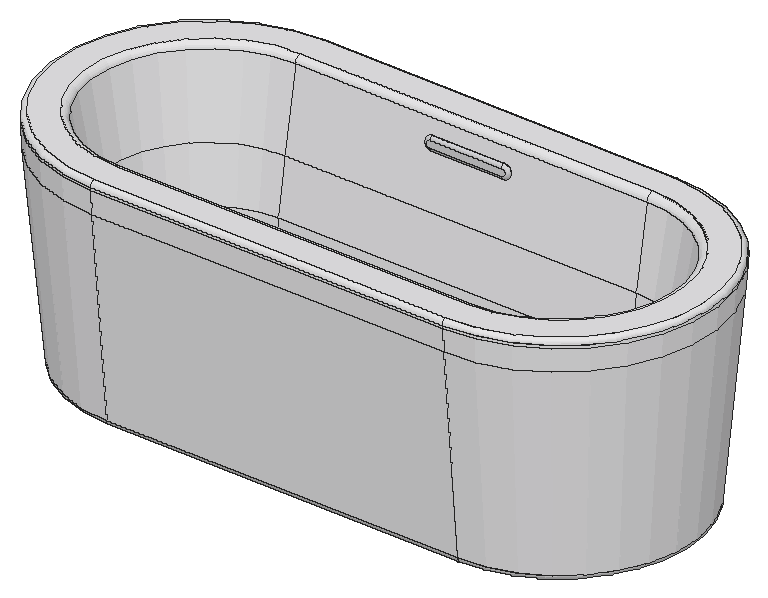
Revit family "Bath-Freestanding-KOHLER-Evok-K-99236T_1", category Plumbing Fixtures, host Face, Revit 2021
Family settings
  Host = Face
  Round Connector Dimension = Use Diameter
  Part Type = Normal
  OmniClass Number = 23.31.15.00
  OmniClass Title = Bathtubs
  Cut with Voids When Loaded = No
  Shared = No
  Room Calculation Point = No
Parameters (values of type "0-White")
  Width = 29 135/256"  # constant formula
  WaterSense Certified = 1 = 0  # no
  Waste Water Outlet = "Waste Water Outlet"  # constant formula
  Waste Connection = 1 = 1  # yes
  Vent Connection = 1 = 0  # no
  URL = "http://www.kohler.com.cn/"
  Type = 1
  Product Page URL = ""
  Product Name = "Evok"  # constant formula
  Product Documentation Link = ""
  Pressure = 0.00 psi
  Model = "K-99236T-0"  # constant formula
  Material = "Acrylic"  # constant formula
  Master Format 2014 Name = "Residential Bathtubs"  # constant formula
  Master Format 2014 = "22 41 19"  # constant formula
  Manufacturer Address = "Kohler Beijing Office (100016) 36-2-03-B, No. 88, Liuxiang Road, Beijing"  # constant formula
  Manufacturer = "Kohler Co."  # constant formula
  Length = 66 119/128"  # constant formula
  Hot Water Inlet = "Hot Water Inlet"  # constant formula
  Height = 24 27/128"  # constant formula
  HW Connection = 1 = 0  # no
  Flow Rate = 0 GPM
  Finish = KOHLER-Acrylic-0-White
  Environmental Product Declaration = ""
  Drain Included = 1 = 0  # no
  Description = "1.7M NEW APRON OVAL FREESTANDING BATH CUSTOMIZED"  # constant formula
  Default Elevation = 0"
  Declare Label = ""
  Date Modified = "02/28/2023"  # constant formula
  Date Created = "02/28/2023"  # constant formula
  Copyright = "Copyright Kohler Co."  # constant formula
  Contact Us = "http://www.kohler.com.cn/contact/contact-us/"
  Cold Water Inlet = "Cold Water Inlet"  # constant formula
  CW Connection = 1 = 0  # no
  Assembly Code = "D2010500"
  ADA Compliant = 1 = 0  # no
Reference planes (in)
  plane 1 "Center (Front/Back)": y = 0
  plane 2: z = 0
  plane 3 "Center (Left/Right)": x = 0
  plane 4: y = 15.66929
  plane 5: x = -33.46457
  plane 6: y = -13.85805
  plane 7: x = 33.46512
  plane 8: y = 12.95276
  plane 9: z = 24.21094
  plane 10: z = 4.13386
Dimensions and locks (in)
  "Width": plane 6 to plane 4
  "Length": plane 5 to plane 7
  "Height": plane 9 to level
  plane 1 "Center (Front/Back)" to plane 4 = 15.66929"
  plane 8 to plane 4 = 2.71654"
  aligned and locked: plane 2 to host face
  aligned and locked: level to host face
Automatic sketch dimensions
  host sketch curve to host sketch curve = 96"  (x2)
Nested families (in)
  nested 1: "K-99236T" at (0, 0, 0), type "K-99236T"
Connectors (in)
  piping at (0, 0, 4.13386), diameter 1.65234, driven by "Waste Connection", driven by "Waste Water Outlet"
    settings: on nested 1, index 1, connector inside diameter 24", connector length 0", flow factor 0, pipe flow 0 GPM, pressure drop 0.00 psi, fitting loss kfactor 0, connector angle 0.00°, fixture units 0, engagement length 0", angle of deflection 0.00°, flow configuration 0, flow direction 2, fitting loss method 0, system type 16, joint type 0, gender type 0, connector reference index -1, connector utility 1, adjustable connector no, is connector primary yes, connector description "Waste Water Outlet"
Definition of nested family "K-99236T"
  Parameters
    Material = none
    Default Elevation = 0"
  Reference planes (in)
    plane 1 "Center (Front/Back)": y = 0
    plane 2: z = 0
    plane 3 "Center (Left/Right)": x = 0
    plane 4: x = -33.46457
    plane 5: x = 33.46457
    plane 6: y = 15.66929
    plane 7: y = -13.85827
    plane 8: y = 12.95276
    plane 9: z = 24.2126
    plane 10: z = 20.94488
    plane 11: z = 4.13386
    plane 12: z = 22.24409
  Forms (in)
    Sweep 1, solid, material <- "Material", detail levels medium+fine
      path origin (0, 0, 0) x (1, 0, 0) y (0, 1, 0)
        loop
          arc (-18.59511, 12.66585) -> (-31.18984, 0.07112) -> (-18.59511, -12.52362) r 12.59473
          line (-18.59511, -12.52362) -> (18.60114, -12.52362)
          arc (18.60114, -12.52362) -> (31.19587, 0.07112) -> (18.60114, 12.66585) r 12.59473
          line (18.60114, 12.66585) -> (-18.59511, 12.66585)
      profile origin (0.00301, 12.66585, 0) x (0, 1, 0) y (0, 0, 1)
        loop
          line (-2.62004, 6.70759) -> (-2.33678, 9.94522)
          arc (-2.33678, 9.94522) -> (-1.99488, 13.03462) -> (-1.51157, 16.10508) r 67.71571
          arc (-1.51157, 16.10508) -> (-0.88383, 19.6325) -> (-0.27697, 23.16358) r 605.32849
          line (-0.27697, 23.16358) -> (0.97303, 23.16358) -> (0.97303, 24.1981) -> (-0.09737, 24.1981) -> (-0.35549, 24.1981)
          arc (-0.35549, 24.1981) -> (-0.84433, 24.01689) -> (-1.09696, 23.56085) r 0.75
          arc (-1.09696, 23.56085) -> (-1.76806, 19.52114) -> (-2.54968, 15.50135) r 149.32563
          arc (-2.54968, 15.50135) -> (-3.04289, 12.73018) -> (-3.37115, 9.93467) r 47.516
          line (-3.37115, 9.93467) -> (-3.66699, 6.55321)
          arc (-3.66699, 6.55321) -> (-4.06775, 5.74056) -> (-4.91223, 5.41216) r 1.25
          line (-4.91223, 5.41216) -> (-6.58277, 5.41216) -> (-6.58277, 4.63893) -> (-4.9013, 4.63893)
          arc (-4.9013, 4.63893) -> (-4.1888, 4.74605) -> (-3.54593, 5.0714) r 2.2663
          arc (-3.54593, 5.0714) -> (-2.90532, 5.78896) -> (-2.62004, 6.70759) r 2.2663
    Extrusion 2, solid, material <- "Material", detail levels medium+fine
      sketch origin (0, 0, 0) x (1, 0, 0) y (0, 1, 0)
        loop
          arc (18.60114, -5.94084) -> (24.6131, 0.07112) -> (18.60114, 6.08307) r 6.01196
          line (18.60114, 6.08307) -> (-18.59511, 6.08307)
          arc (-18.59511, 6.08307) -> (-24.60707, 0.07112) -> (-18.59511, -5.94084) r 6.01196
          line (-18.59511, -5.94084) -> (18.60114, -5.94084)
      from 4.63893 to 5.41216
    Sweep 3, solid, material <- "Material", detail levels medium+fine
      path origin (0, 0, 0) x (1, 0, 0) y (0, 1, 0)
        loop
          arc (-18.59511, 12.66585) -> (-31.18984, 0.07112) -> (-18.59511, -12.52362) r 12.59473
          line (-18.59511, -12.52362) -> (18.60114, -12.52362)
          arc (18.60114, -12.52362) -> (31.19587, 0.07112) -> (18.60114, 12.66585) r 12.59473
          line (18.60114, 12.66585) -> (-18.59511, 12.66585)
      profile origin (0.00301, 12.66585, 0) x (0, 1, 0) y (0, 0, 1)
        loop
          arc (2.85405, 21.10114) -> (2.93655, 22.24542) -> (2.96408, 23.39233) r 23.91092
          line (2.96408, 23.39233) -> (2.96408, 23.69685)
          arc (2.96408, 23.69685) -> (2.81763, 24.0504) -> (2.46408, 24.19685) r 0.5
          line (2.46408, 24.19685) -> (0.30524, 24.19685) -> (0.30524, 0.19685)
          arc (0.30524, 0.19685) -> (0.70234, 0.35035) -> (0.89311, 0.73095) r 0.5907
          line (0.89311, 0.73095) -> (2.85405, 21.10114)
    Extrusion 4, solid, material <- "Material", detail levels medium+fine
      sketch origin (0, 0, 0) x (1, 0, 0) y (0, 1, 0)
        loop
          line (-16.43701, 10.68346) -> (-16.43701, -8.87244)
          arc (-16.43701, -8.87244) -> (-17.01162, -11.12581) -> (-18.59511, -12.82885) r 4.70567
          line (-18.59511, -12.82885) -> (-9.40949, -12.82885)
          arc (-9.40949, -12.82885) -> (-10.99298, -11.12581) -> (-11.56759, -8.87244) r 4.70567
          line (-11.56759, -8.87244) -> (-11.56759, 10.68346)
          arc (-11.56759, 10.68346) -> (-10.94292, 12.25593) -> (-9.40949, 12.97108) r 2.29151
          line (-9.40949, 12.97108) -> (-18.59511, 12.97108)
          arc (-18.59511, 12.97108) -> (-17.06168, 12.25593) -> (-16.43701, 10.68346) r 2.29151
        loop
          arc (16.44304, 10.68346) -> (17.0677, 12.25593) -> (18.60114, 12.97108) r 2.29151
          line (18.60114, 12.97108) -> (9.41551, 12.97108)
          arc (9.41551, 12.97108) -> (10.94895, 12.25593) -> (11.57362, 10.68346) r 2.29151
          line (11.57362, 10.68346) -> (11.57362, -8.87244)
          arc (11.57362, -8.87244) -> (10.99901, -11.12581) -> (9.41551, -12.82885) r 4.70567
          line (9.41551, -12.82885) -> (18.60114, -12.82885)
          arc (18.60114, -12.82885) -> (17.01764, -11.12581) -> (16.44304, -8.87244) r 4.70567
          line (16.44304, -8.87244) -> (16.44304, 10.68346)
      from 0.19685 to 0.84759
    Extrusion 5, solid, material <- "Material", detail levels medium+fine
      sketch origin (0, 0, 0) x (1, 0, 0) y (0, 1, 0)
        loop
          line (24.40945, -6.29921) -> (24.40945, 6.29921) -> (-24.40945, 6.29921) -> (-24.40945, -6.29921) -> (24.40945, -6.29921)
        loop
          line (23.22835, 5.11811) -> (-23.22835, 5.11811) -> (-23.22835, -5.11811) -> (23.22835, -5.11811) -> (23.22835, 5.11811)
      from 2.95014 to 4.63893
    Revolve 6, solid, material <- "Material", detail levels medium+fine
      sketch origin (0, 0, 0) x (1, 0, 0) y (0, 0, 1)
        loop
          line (23.8189, 0) -> (23.8189, 3.20866) -> (23.62205, 3.20866) -> (23.62205, 0.61314) -> (22.87205, 0.61314) -> (22.87205, 0) -> (23.8189, 0)
        axis (23.8189, 3.20866) -> (23.8189, 0)
      angle from 0 to 360
    Revolve 7, solid, material <- "Material", detail levels medium+fine
      sketch origin (-13.95653, -7.99964, 0) x (1, 0, 0) y (0, 0, 1)
        loop
          line (23.8189, 0) -> (23.8189, 3.20866) -> (23.62205, 3.20866) -> (23.62205, 0.61314) -> (22.87205, 0.61314) -> (22.87205, 0) -> (23.8189, 0)
        axis (23.8189, 3.20866) -> (23.8189, 0)
      angle from 0 to 360
    Revolve 8, solid, material <- "Material", detail levels medium+fine
      sketch origin (-33.62404, -7.99964, 0) x (1, 0, 0) y (0, 0, 1)
        loop
          line (23.8189, 0) -> (23.8189, 3.20866) -> (23.62205, 3.20866) -> (23.62205, 0.61314) -> (22.87205, 0.61314) -> (22.87205, 0) -> (23.8189, 0)
        axis (23.8189, 3.20866) -> (23.8189, 0)
      angle from 0 to 360
    Revolve 9, solid, material <- "Material", detail levels medium+fine
      sketch origin (-33.62404, 8.57516, 0) x (1, 0, 0) y (0, 0, 1)
        loop
          line (23.8189, 0) -> (23.8189, 3.20866) -> (23.62205, 3.20866) -> (23.62205, 0.61314) -> (22.87205, 0.61314) -> (22.87205, 0) -> (23.8189, 0)
        axis (23.8189, 3.20866) -> (23.8189, 0)
      angle from 0 to 360
    Revolve 10, solid, material <- "Material", detail levels medium+fine
      sketch origin (-13.93901, 8.57516, 0) x (1, 0, 0) y (0, 0, 1)
        loop
          line (23.8189, 0) -> (23.8189, 3.20866) -> (23.62205, 3.20866) -> (23.62205, 0.61314) -> (22.87205, 0.61314) -> (22.87205, 0) -> (23.8189, 0)
        axis (23.8189, 3.20866) -> (23.8189, 0)
      angle from 0 to 360
    Revolve 11, solid, material <- "Material", detail levels medium+fine
      sketch origin (-47.62922, -0.01352, 0) x (1, 0, 0) y (0, 0, 1)
        loop
          line (23.8189, 0) -> (23.8189, 3.20866) -> (23.62205, 3.20866) -> (23.62205, 0.61314) -> (22.87205, 0.61314) -> (22.87205, 0) -> (23.8189, 0)
        axis (23.8189, 3.20866) -> (23.8189, 0)
      angle from 0 to 360
    Extrusion 12, solid, material <- "Material", detail levels medium+fine
      sketch origin (0, 0, 0) x (1, 0, 0) y (0, 1, 0)
        loop
          line (10.43307, -8.38583) -> (10.43307, 8.97638) -> (-10.43307, 8.97638) -> (-10.43307, -8.38583) -> (10.43307, -8.38583)
        loop
          line (9.25197, 7.80671) -> (-9.25197, 7.80671) -> (-9.25197, -7.20472) -> (9.25197, -7.20472) -> (9.25197, 7.80671)
      from 2.95014 to 3.93439
    Sweep 13, solid, detail levels medium+fine
      path origin (0, 0, 0) x (1, 0, 0) y (0, 0, 1)
        loop
          arc (-3.79813, 22.06311) -> (-4.48711, 21.37414) -> (-3.79813, 20.68516) r 0.68898
          line (-3.79813, 20.68516) -> (3.78167, 20.68516)
          arc (3.78167, 20.68516) -> (4.47064, 21.37414) -> (3.78167, 22.06311) r 0.68898
          line (3.78167, 22.06311) -> (-3.79813, 22.06311)
      profile origin (4.47064, 0, 21.37414) x (0, -1, 0) y (1, 0, 0)
        loop
          arc (-11.39798, 0.02397) -> (-11.50629, -0.02089) -> (-11.55115, -0.1292) r 0.15317
          line (-11.55115, -0.1292) -> (-11.55115, -0.45844) -> (-10.90617, -0.45844) -> (-10.90617, -0.29156)
          arc (-10.90617, -0.29156) -> (-10.99859, -0.06845) -> (-11.2217, 0.02397) r 0.31553
          line (-11.2217, 0.02397) -> (-11.39798, 0.02397)
    Extrusion 14, solid, detail levels medium+fine
      sketch origin (0, 0, 0) x (1, 0, 0) y (0, 0, 1)
        loop
          arc (-3.79813, 21.60467) -> (-4.02866, 21.37414) -> (-3.79813, 21.1436) r 0.23053
          line (-3.79813, 21.1436) -> (3.78167, 21.1436)
          arc (3.78167, 21.1436) -> (4.0122, 21.37414) -> (3.78167, 21.60467) r 0.23053
          line (3.78167, 21.60467) -> (-3.79813, 21.60467)
      from -11.55115 to -10.90617
    Revolve 15, void
      sketch origin (0, 0.01182, -0.20667) x (0, 1, 0) y (0, 0, 1)
        loop
          line (0, 4.97583) -> (1.18636, 4.97583)
          arc (1.18636, 4.97583) -> (1.71691, 5.44824) -> (2.40652, 5.61883) r 1.4792
          line (2.40652, 5.61883) -> (0, 5.61883) -> (0, 4.97583)
        axis (0, 4.97583) -> (0, 5.61883)
      angle from 0 to 360
    Revolve 16, solid, material <- "Material", detail levels medium+fine
      sketch origin (0, 0, 0.59055) x (1, 0, 0) y (0, 0, 1)
        loop
          line (0, 4.35068) -> (0, 3.54331) -> (0.84599, 3.54331) -> (0.90349, 3.60081) -> (0.90349, 4.35068) -> (0, 4.35068)
        axis (0, 3.54331) -> (0, 4.35068)
      angle from 0 to 360
    Extrusion 17, solid, material <- "Material", detail levels coarse
      sketch origin (0, 0, 0) x (1, 0, 0) y (0, 1, 0)
        loop
          line (-18.67162, -13.85827) -> (18.74048, -13.85827)
          arc (18.74048, -13.85827) -> (33.50426, 0.90551) -> (18.74048, 15.66929) r 14.76378
          line (18.74048, 15.66929) -> (-18.67162, 15.66929)
          arc (-18.67162, 15.66929) -> (-33.4354, 0.90551) -> (-18.67162, -13.85827) r 14.76378
        loop
          arc (-18.32637, 12.95276) -> (-31.08788, 0.19124) -> (-18.32637, -12.57027) r 12.76151
          line (-18.32637, -12.57027) -> (18.35359, -12.57027)
          arc (18.35359, -12.57027) -> (31.1151, 0.19124) -> (18.35359, 12.95276) r 12.76151
          line (18.35359, 12.95276) -> (-18.32637, 12.95276)
      from 0 to 24.2126
    Extrusion 18, solid, material <- "Material", detail levels coarse
      sketch origin (0, 0, 0) x (1, 0, 0) y (0, 1, 0)
        loop
          arc (18.35359, -12.57027) -> (31.1151, 0.19124) -> (18.35359, 12.95276) r 12.76151
          line (18.35359, 12.95276) -> (-18.32637, 12.95276)
          arc (-18.32637, 12.95276) -> (-31.08788, 0.19124) -> (-18.32637, -12.57027) r 12.76151
          line (-18.32637, -12.57027) -> (18.35359, -12.57027)
      from 0 to 4.82454
    Revolve 19, solid, detail levels medium+fine
      sketch origin (0, 0, 0.59055) x (1, 0, 0) y (0, 0, 1)
        loop
          line (0, 4.98873) -> (0, 4.35068) -> (0.90349, 4.35068) -> (1.32692, 4.41775)
          arc (1.32692, 4.41775) -> (1.35005, 4.4307) -> (1.35923, 4.45557) r 0.03829
          line (1.35923, 4.45557) -> (1.35923, 4.49319)
          arc (1.35923, 4.49319) -> (1.35317, 4.5078) -> (1.33855, 4.51386) r 0.02067
          line (1.33855, 4.51386) -> (0.61065, 4.51386) -> (0.61065, 4.88062) -> (1.32403, 4.74195)
          arc (1.32403, 4.74195) -> (1.35473, 4.76208) -> (1.33541, 4.7933) r 0.02631
          arc (1.33541, 4.7933) -> (0.97433, 4.87302) -> (0.60945, 4.93305) r 6.8213
          arc (0.60945, 4.93305) -> (0.30535, 4.96773) -> (0, 4.98873) r 6.8213
        axis (0, 4.35068) -> (0, 4.98873)
      angle from 0 to 360
  Cuts and joins
    Revolve 15 cuts Sweep 1
    Revolve 15 cuts Extrusion 2
    Revolve 15 cuts Sweep 3
    Revolve 15 cuts Extrusion 4
    joined: Sweep 1, Extrusion 2, Sweep 3, Extrusion 4
    joined: Extrusion 5, Extrusion 12
    joined: Sweep 13, Extrusion 14
    joined: Extrusion 17, Extrusion 18
    joined: Revolve 6, Revolve 7, Revolve 8, Revolve 9, Revolve 10, Revolve 11
  Lines and regions (in)
    Masking region 1
      outline origin (0, 0, 0) x (1, 0, 0) y (0, 1, 0)
        loop
          arc (-19.08506, 15.66929) -> (-21.98217, 15.27078) -> (-24.7508, 14.32908) r 15.32113
          arc (-24.7508, 14.32908) -> (-33.31162, -0.91569) -> (-21.27046, -13.59249) r 14.72399
          arc (-21.27046, -13.59249) -> (-19.99044, -13.77189) -> (-18.70079, -13.85827) r 17.86501
          line (-18.70079, -13.85827) -> (18.95221, -13.85827)
          arc (18.95221, -13.85827) -> (20.84046, -13.67281) -> (22.69382, -13.26667) r 16.11256
          arc (22.69382, -13.26667) -> (33.42429, 0.79665) -> (22.90293, 15.0171) r 14.72399
          arc (22.90293, 15.0171) -> (20.87899, 15.4777) -> (18.81216, 15.66929) r 15.81701
          line (18.81216, 15.66929) -> (-19.08506, 15.66929)
    Masking region 2
      outline origin (0, 0, 0) x (1, 0, 0) y (0, 0, 1)
        loop
          arc (-32.95978, 24.2126) -> (-33.22829, 24.10683) -> (-33.35253, 23.84636) r 0.3937
          line (-33.35253, 23.84636) -> (-33.46457, 22.24409) -> (-28.06576, 0.73841)
          arc (-28.06576, 0.73841) -> (-27.78047, 0.34718) -> (-27.32019, 0.19685) r 0.7874
          line (-27.32019, 0.19685) -> (-24.8093, 0.19685) -> (-24.8093, 0) -> (-22.8408, 0) -> (-22.8408, 0.19685) -> (-15.4079, 0.19685) -> (-10.83569, 0.19685) -> (-10.83569, 0) -> (-8.8583, 0) -> (-8.8583, 0.19685) -> (8.85521, 0.19685) -> (8.85521, 0) -> (10.82371, 0) -> (10.82371, 0.19685) -> (22.83, 0.19685) -> (22.83, 0) -> (24.7985, 0) -> (24.7985, 0.19685) -> (27.31772, 0.19685)
          arc (27.31772, 0.19685) -> (27.80202, 0.3634) -> (28.08144, 0.7926) r 0.7874
          line (28.08144, 0.7926) -> (33.46457, 22.24409) -> (33.35253, 23.84636)
          arc (33.35253, 23.84636) -> (33.22829, 24.10683) -> (32.95978, 24.2126) r 0.3937
          line (32.95978, 24.2126) -> (-32.95978, 24.2126)
    Masking region 3
      outline origin (0, 0, 0) x (0, 1, 0) y (0, 0, 1)
        loop
          line (15.66929, 22.24409) -> (15.61135, 23.90318)
          arc (15.61135, 23.90318) -> (15.51366, 24.12262) -> (15.29095, 24.2126) r 0.3206
          line (15.29095, 24.2126) -> (-13.48557, 24.2126)
          arc (-13.48557, 24.2126) -> (-13.70422, 24.12426) -> (-13.80013, 23.90883) r 0.31475
          line (-13.80013, 23.90883) -> (-13.85828, 22.24377) -> (-13.82047, 22.24377) -> (-11.74952, 0.73081)
          arc (-11.74952, 0.73081) -> (-11.55876, 0.35027) -> (-11.16169, 0.19685) r 0.59055
          line (-11.16169, 0.19685) -> (-8.97638, 0.19685) -> (-8.97638, 0) -> (-7.00434, 0) -> (-7.00434, 0.19685) -> (-0.98425, 0.19685) -> (-0.98425, 0) -> (0.98452, 0) -> (0.98452, 0.19685) -> (7.59843, 0.19685) -> (7.59843, 0) -> (9.57004, 0) -> (9.57004, 0.19685) -> (12.97069, 0.19685)
          arc (12.97069, 0.19685) -> (13.36776, 0.35027) -> (13.55852, 0.73081) r 0.59055
          line (13.55852, 0.73081) -> (15.6295, 22.24409) -> (15.66929, 22.24409)
    symbolic lines, detail levels medium+fine
      curve 1: arc (-1.37795, 0, 0) -> (0, 1.37795, 0) -> (1.37795, 0, 0) r 1.37795
      curve 2: arc (1.37795, 0, 0) -> (0, -1.37795, 0) -> (-1.37795, 0, 0) r 1.37795
      curve 6: line (18.80686, 15.27559, 0) -> (-19.07691, 15.27559, 0)
      curve 7: arc (-19.07691, 15.27559, 0) -> (-21.89546, 14.88673, 0) -> (-24.58903, 13.97015, 0) r 14.92743
      curve 8: arc (-24.58903, 13.97015, 0) -> (-32.92094, -0.867, 0) -> (-21.20175, -13.20483, 0) r 14.33029
      curve 9: arc (-21.20175, -13.20483, 0) -> (-19.95292, -13.37997, 0) -> (-18.69472, -13.46457, 0) r 17.47131
      curve 10: line (-18.69472, -13.46457, 0) -> (18.94448, -13.46457, 0)
      curve 11: arc (18.94448, -13.46457, 0) -> (20.78274, -13.28334, 0) -> (22.58705, -12.88773, 0) r 15.71885
      curve 12: arc (22.58705, -12.88773, 0) -> (33.0306, 0.79956, 0) -> (22.79057, 14.63978, 0) r 14.33029
      curve 13: arc (22.79057, 14.63978, 0) -> (20.81959, 15.08849, 0) -> (18.80686, 15.27559, 0) r 15.42331
      curve 14: line (18.48192, 12.75591, 0) -> (-18.4724, 12.75591, 0)
      curve 15: arc (-18.4724, 12.75591, 0) -> (-31.03706, 0.19124, 0) -> (-18.4724, -12.37342, 0) r 12.56466
      curve 16: line (-18.4724, -12.37342, 0) -> (18.48192, -12.37342, 0)
      curve 17: arc (18.48192, -12.37342, 0) -> (31.04658, 0.19124, 0) -> (18.48192, 12.75591, 0) r 12.56466
      curve 22: line (10.95639, 8.17185, 0) -> (-10.85871, 8.17185, 0)
      curve 23: arc (-10.85871, 8.17185, 0) -> (-19.03056, 0, 0) -> (-10.85871, -8.17185, 0) r 8.17185
      curve 24: line (-10.85871, -8.17185, 0) -> (10.95639, -8.17185, 0)
      curve 25: arc (10.95639, -8.17185, 0) -> (19.12824, 0, 0) -> (10.95639, 8.17185, 0) r 8.17185
      curve 26: circle (0, 0, 0) r 1.77165 normal (0, 0, 1)
      curve 28: line (-4.16975, 11.94214, 0) -> (4.2151, 11.94214, 0)
      curve 29: line (-4.16975, 11.35159, 0) -> (4.2151, 11.35159, 0)
      curve 30: arc (4.2151, 11.94214, 0) -> (4.51038, 11.64686, 0) -> (4.2151, 11.35159, 0) r 0.29528
      curve 31: arc (-4.16975, 11.35159, 0) -> (-4.46502, 11.64686, 0) -> (-4.16975, 11.94214, 0) r 0.29528
      curve 33: line (33.46457, 0, 22.24409) -> (-33.46457, 0, 22.24409)
      curve 34: line (-8.8583, 0, 0.19685) -> (-10.83569, 0, 0.19685)
      curve 35: line (10.82371, 0, 0.19685) -> (8.85521, 0, 0.19685)
      curve 36: line (24.7985, 0, 0.19685) -> (22.83, 0, 0.19685)
      curve 37: line (33.35253, 0, 23.84636) -> (-33.35253, 0, 23.84636)
      curve 38: line (0, 15.61135, 23.90318) -> (0, -13.80033, 23.90318)
      curve 39: line (0, 15.66929, 22.24409) -> (0, -13.8189, 22.24409)
      curve 40: line (0, 13.55852, 0.73081) -> (0, -11.74792, 0.73081)
      curve 41: line (0, -7.00434, 0.19685) -> (0, -8.97638, 0.19685)
      curve 42: line (0, 0.98452, 0.19685) -> (0, -0.98425, 0.19685)
      curve 43: line (0, 9.57004, 0.19685) -> (0, 7.59843, 0.19685)
      curve 44: line (-24.8093, 0, 0.19685) -> (-22.8408, 0, 0.19685)
      curve 45: line (-28.06576, 0, 0.73841) -> (28.08144, 0, 0.7926)
    symbolic lines
      curve 3: line (-18.4724, -12.57027, 0) -> (18.48192, -12.57027, 0)
      curve 4: arc (-18.4724, -12.57027, 0) -> (-31.23391, 0.19124, 0) -> (-18.4724, 12.95276, 0) r 12.76151
      curve 5: arc (18.48192, 12.95276, 0) -> (31.24343, 0.19124, 0) -> (18.48192, -12.57027, 0) r 12.76151
      curve 18: line (-10.85871, 9.74665, 0) -> (10.95639, 9.74665, 0)
      curve 19: line (-10.85871, -9.74665, 0) -> (10.95639, -9.74665, 0)
      curve 20: arc (10.95639, 9.74665, 0) -> (20.70304, 0, 0) -> (10.95639, -9.74665, 0) r 9.74665
      curve 21: arc (-10.85871, -9.74665, 0) -> (-20.60536, 0, 0) -> (-10.85871, 9.74665, 0) r 9.74665
      curve 27: circle (0, 0, 0) r 1.9685 normal (0, 0, 1)
      curve 32: line (-18.4724, 12.95276, 0) -> (18.48192, 12.95276, 0)
  Dimensions and locks (in)
    aligned and locked: plane 2 to level
